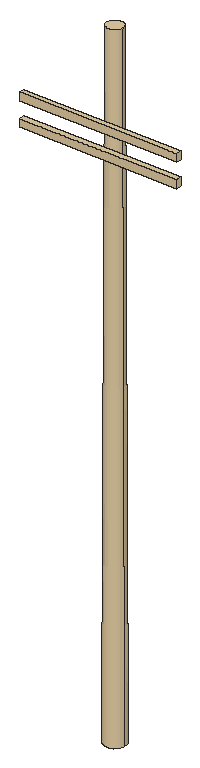
Revit family "M_Poste de serviços", category Terreno, Revit 2019
Family settings
  Cota do conector redondo = Utilizar diâmetro
  Tipo de parte = Normal
  ID de item do Seek = Utility Pole-0000-CAN-ENU
  Com base no plano de trabalho = Não
  Sempre na vertical = Sim
  Corte com vazios quando carregada = Não
  Compartilhado = Não
Parameters (values of type "12,5 metros")
  Comprimento = 12500 mm
  Raio = 200 mm
Types (3, lengths in mm): name | Comprimento | Raio
  (no name) | 12500 | 200
  21 metros | 21000 | 280
  12,5 metros | 12500 | 200
Reference planes
  plane 1 "Centro (Frente/Trás)": y = 0
  plane 2: z = 0
  plane 3 "Centro (Esquerda/Direita)": x = 0
Forms (mm)
  Blend 1, solid, material "Pinho"
    base sketch origin (0, 0, 0) x (1, 0, 0) y (0, 1, 0)
      loop
        circle (0, 0) r 200
    top sketch origin (0, 0, 0) x (1, 0, 0) y (0, 1, 0)
      loop
        circle (0, 0) r 152.4
    from 0 to 12500
  Extrusion 2, solid, material "Pinho"
    sketch origin (0, 0, 12500) x (0, -1, 0) y (1, 0, 0)
      loop
        line (304.8, -1524) -> (406.4, -1524) -> (406.4, 1524) -> (304.8, 1524) -> (304.8, -1524)
    from -1524 to -1676.4
  Extrusion 3, solid, material "Pinho"
    sketch origin (0, 0, 12500) x (0, -1, 0) y (1, 0, 0)
      loop
        line (304.8, 1524) -> (304.8, -1524) -> (406.4, -1524) -> (406.4, 1524) -> (304.8, 1524)
    from -1981.2 to -2133.6
Dimensions and locks
  "Comprimento": Blend 1 to plane 2
  "Raio": plane 3 "Centro (Esquerda/Direita)" to Blend 1 sketch curve
Automatic sketch dimensions
  Blend 1 sketch curve to plane 1 "Centro (Frente/Trás)" = 0 mm  (x2)
  Blend 1 sketch curve to plane 3 "Centro (Esquerda/Direita)" = 0 mm  (x2)
  Blend 1 sketch curve to plane 3 "Centro (Esquerda/Direita)" = 152.4 mm
  plane 1 "Centro (Frente/Trás)" to Extrusion 2 sketch curve = 304.8 mm
  Extrusion 2 sketch curve to Extrusion 2 sketch curve = 101.6 mm
  Extrusion 2 sketch curve to plane 3 "Centro (Esquerda/Direita)" = 1524 mm
  plane 3 "Centro (Esquerda/Direita)" to Extrusion 2 sketch curve = 1524 mm
  plane 1 "Centro (Frente/Trás)" to Extrusion 3 sketch curve = 304.8 mm
  Extrusion 3 sketch curve to Extrusion 3 sketch curve = 101.6 mm
  Extrusion 3 sketch curve to plane 3 "Centro (Esquerda/Direita)" = 1524 mm
  plane 3 "Centro (Esquerda/Direita)" to Extrusion 3 sketch curve = 1524 mm
